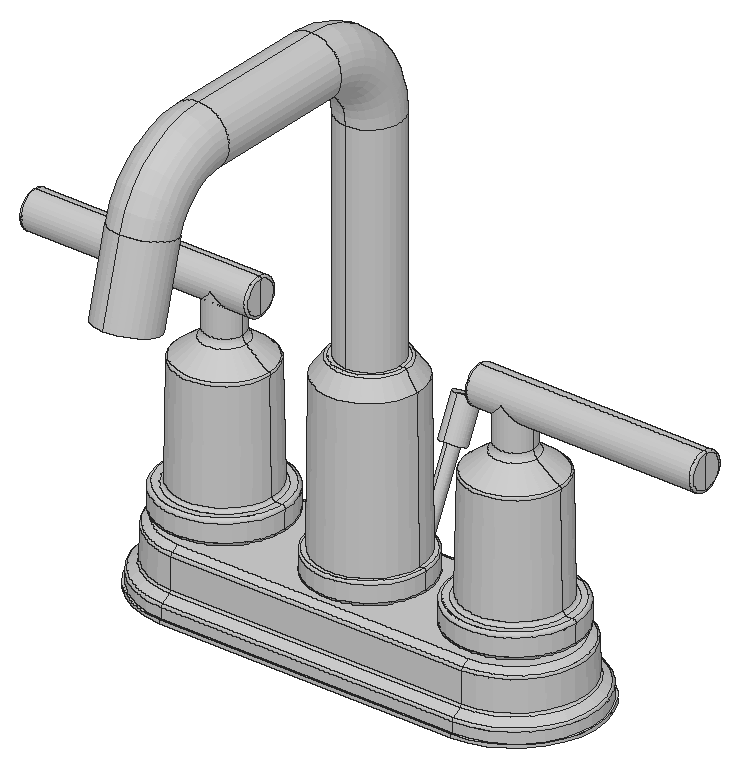
Revit family "Bathroom_Faucet-Moen-Gibson_2H_Centerset-6150", category Plumbing Fixtures, host Face, Revit 2020
Family settings
  Host = Face
  Round Connector Dimension = Use Radius
  Part Type = Normal
  OmniClass Number = 23.45.55.17
  OmniClass Title = Mixing Faucets
  Cut with Voids When Loaded = No
  Shared = No
  Room Calculation Point = No
Parameters (values of type "2H Centerset - 6150")
  Width = 0' - 6 1/2"  # constant formula
  Waste Connection = yes
  WFU = 0
  Version = "2014 - v1.0a"  # constant formula
  Vent Connection = yes
  URL = "http://pro.moen.com/"
  Type Comments = ""
  Product data url = "https://bimobject.com/moen/product/moen-6150"
  Product Page URL = "http://pro.moen.com/gibson/chrome-two-handle-bathroom-faucet/_/R-TPORTAL-ALL%3A6150"
  Product Documentation Link = "http://pro.moen.com/shared/docs/product-specifications/6150sp.pdf"
  Model = "6150"  # constant formula
  Material = ""
  Manufacturer Phone Number = "(800) 531-1600"  # constant formula
  Manufacturer Fax Number = "(800) 848-6636"  # constant formula
  Manufacturer Email = "mailto:moencustomerservicewholesaleUS@moen.com"
  Manufacturer Address = "U.S. Headquarters: Moen Incorporated 25300 Al Moen Dr., North Olmsted, Ohio 44070-8022"  # constant formula
  Manufacturer = "Moen"  # constant formula
  Hot Water Radius = 3/16"
  Hot Water Diameter = Hot Water Radius * 2  # 3/8"
  Height = 0' - 7 15/16"  # constant formula
  HWFU = 0
  HW Connection = yes
  Flow Rate = 1.20 GPM
  Finish = Metal - Moen - Chrome
  Domestic Water Flow Rate = Flow Rate  # 1.20 GPM
  Description = "Gibson Chrome Two-Handle Bathroom Faucet"  # constant formula
  Depth = 0' - 6 13/32"  # constant formula
  Default Elevation = 4' - 0"
  Copyright = "Moen Incorporated"  # constant formula
  Cold Water Radius = 3/16"
  Cold Water Diameter = Cold Water Radius * 2  # 3/8"
  CWFU = 0
  CW Connection = yes
  Assembly Code = "D2010900"
Reference planes (in)
  plane 1 "Center (Front/Back)": y = 0
  plane 2: z = 0
  plane 3 "Center (Left/Right)": x = 0
  plane 4: x = 2
  plane 5: x = -2
Forms (in)
  Sweep 1, solid, material "Metal - Moen - Chrome" <- "Finish"
    path origin (0, 0, 0) x (1, 0, 0) y (0, 1, 0)
      loop
        line (-2, -0.80273) -> (2, -0.80273)
        arc (2, -0.80273) -> (2.80273, 0) -> (2, 0.80273) r 0.80273
        line (2, 0.80273) -> (-2, 0.80273)
        arc (-2, 0.80273) -> (-2.80273, 0) -> (-2, -0.80273) r 0.80273
    profile origin (0, -0.80273, 0) x (0, 1, 0) y (0, 0, 1)
      loop
        line (0, 0) -> (0, 0.8389) -> (-0.08982, 0.77831)
        arc (-0.08982, 0.77831) -> (-0.1048, 0.76182) -> (-0.11048, 0.74027) r 0.04688
        line (-0.11048, 0.74027) -> (-0.11757, 0.33408)
        arc (-0.11757, 0.33408) -> (-0.12305, 0.3129) -> (-0.13755, 0.2965) r 0.04688
        line (-0.13755, 0.2965) -> (-0.24954, 0.21809)
        arc (-0.24954, 0.21809) -> (-0.26423, 0.20133) -> (-0.26953, 0.17969) r 0.04688
        line (-0.26953, 0.17969) -> (-0.26953, 0.03906) -> (-0.30078, 0.03906) -> (-0.30078, 0) -> (0, 0)
  Extrusion 2, solid, material "Metal - Moen - Chrome" <- "Finish"
    sketch origin (0, 0, 0) x (1, 0, 0) y (0, 1, 0)
      loop
        line (2, 0.80273) -> (-2, 0.80273)
        arc (-2, 0.80273) -> (-2.80273, 0) -> (-2, -0.80273) r 0.80273
        line (-2, -0.80273) -> (2, -0.80273)
        arc (2, -0.80273) -> (2.80273, 0) -> (2, 0.80273) r 0.80273
    from 0 to 0.8389
  Revolve 3, solid, material "Metal - Moen - Chrome" <- "Finish"
    sketch origin (0, 0, 0) x (1, 0, 0) y (0, 0, 1)
      loop
        line (-2, 0.8389) -> (-2, 3.7084) -> (-2.25002, 3.7084) -> (-2.25002, 3.15839)
        arc (-2.25002, 3.15839) -> (-2.26309, 3.10276) -> (-2.29954, 3.05876) r 0.125
        line (-2.29954, 3.05876) -> (-2.61184, 2.82217)
        arc (-2.61184, 2.82217) -> (-2.62532, 2.80603) -> (-2.6304, 2.78562) r 0.04688
        line (-2.6304, 2.78562) -> (-2.65626, 1.30399)
        arc (-2.65626, 1.30399) -> (-2.6697, 1.27195) -> (-2.70149, 1.25796) r 0.04688
        line (-2.70149, 1.25796) -> (-2.78963, 1.25488)
        arc (-2.78963, 1.25488) -> (-2.82171, 1.2406) -> (-2.83487, 1.20803) r 0.04688
        line (-2.83487, 1.20803) -> (-2.83487, 0.96965)
        arc (-2.83487, 0.96965) -> (-2.82572, 0.94755) -> (-2.80362, 0.9384) r 0.03125
        line (-2.80362, 0.9384) -> (-2.6975, 0.9384) -> (-2.58604, 0.8389) -> (-2, 0.8389)
      axis (-2, 3.7084) -> (-2, 0.8389)
    angle from 0 to 360
  Revolve 4, solid, material "Metal - Moen - Chrome" <- "Finish"
    sketch origin (0, 0, 0) x (1, 0, 0) y (0, 0, 1)
      loop
        line (2, 0.8389) -> (2.58604, 0.8389) -> (2.6975, 0.9384) -> (2.80362, 0.9384)
        arc (2.80362, 0.9384) -> (2.82572, 0.94755) -> (2.83487, 0.96965) r 0.03125
        line (2.83487, 0.96965) -> (2.83487, 1.20803)
        arc (2.83487, 1.20803) -> (2.82171, 1.2406) -> (2.78963, 1.25488) r 0.04688
        line (2.78963, 1.25488) -> (2.70149, 1.25796)
        arc (2.70149, 1.25796) -> (2.6697, 1.27195) -> (2.65626, 1.30399) r 0.04688
        line (2.65626, 1.30399) -> (2.6304, 2.78562)
        arc (2.6304, 2.78562) -> (2.62532, 2.80603) -> (2.61184, 2.82217) r 0.04688
        line (2.61184, 2.82217) -> (2.29954, 3.05876)
        arc (2.29954, 3.05876) -> (2.26309, 3.10276) -> (2.25002, 3.15839) r 0.125
        line (2.25002, 3.15839) -> (2.25002, 3.7084) -> (2, 3.7084) -> (2, 0.8389)
      axis (2, 3.7084) -> (2, 0.8389)
    angle from 0 to 360
  Revolve 5, solid, material "Metal - Moen - Chrome" <- "Finish"
    sketch origin (0, 0, 0) x (1, 0, 0) y (0, 0, 1)
      loop
        line (-1.5, 3.7084) -> (-4.625, 3.7084) -> (-4.625, 3.48965)
        arc (-4.625, 3.48965) -> (-4.61585, 3.46755) -> (-4.59375, 3.4584) r 0.03125
        line (-4.59375, 3.4584) -> (-1.53125, 3.4584)
        arc (-1.53125, 3.4584) -> (-1.50915, 3.46755) -> (-1.5, 3.48965) r 0.03125
        line (-1.5, 3.48965) -> (-1.5, 3.7084)
      axis (-1.5, 3.7084) -> (-4.625, 3.7084)
    angle from 0 to 360
  Revolve 6, solid, material "Metal - Moen - Chrome" <- "Finish"
    sketch origin (0, 0, 0) x (1, 0, 0) y (0, 0, 1)
      loop
        line (1.5, 3.7084) -> (1.5, 3.48965)
        arc (1.5, 3.48965) -> (1.50915, 3.46755) -> (1.53125, 3.4584) r 0.03125
        line (1.53125, 3.4584) -> (4.59375, 3.4584)
        arc (4.59375, 3.4584) -> (4.61585, 3.46755) -> (4.625, 3.48965) r 0.03125
        line (4.625, 3.48965) -> (4.625, 3.7084) -> (1.5, 3.7084)
      axis (1.5, 3.7084) -> (4.625, 3.7084)
    angle from 0 to 360
  Revolve 7, solid, material "Metal - Moen - Chrome" <- "Finish"
    sketch origin (0, 0, 0) x (1, 0, 0) y (0, 0, 1)
      loop
        line (-0.625, 0.8389) -> (0, 0.8389) -> (0, 3.5339) -> (-0.46126, 3.5339)
        arc (-0.46126, 3.5339) -> (-0.48244, 3.52884) -> (-0.49905, 3.51476) r 0.04688
        line (-0.49905, 3.51476) -> (-0.66277, 3.29171) -> (-0.68714, 1.15653) -> (-0.7403, 1.15389)
        arc (-0.7403, 1.15389) -> (-0.76139, 1.14423) -> (-0.77, 1.12268) r 0.03125
        line (-0.77, 1.12268) -> (-0.77, 0.89515)
        arc (-0.77, 0.89515) -> (-0.76085, 0.87305) -> (-0.73875, 0.8639) r 0.03125
        line (-0.73875, 0.8639) -> (-0.64358, 0.8639) -> (-0.625, 0.8389)
      axis (0, 0.8389) -> (0, 3.5339)
    angle from 0 to 360
  Sweep 8, solid, material "Metal - Moen - Chrome" <- "Finish"
    path origin (0, 0, 0) x (0, 1, 0) y (0, 0, 1)
      loop
        line (0, 3.53421) -> (0, 6.52734)
        arc (0, 6.52734) -> (-0.29289, 7.23445) -> (-1, 7.52734) r 1
        line (-1, 7.52734) -> (-2.93556, 7.52734)
        arc (-2.93556, 7.52734) -> (-3.54432, 7.3207) -> (-3.90149, 6.78616) r 1
        line (-3.90149, 6.78616) -> (-4.1875, 5.71875)
    profile origin (0, 0, 5.03078) x (0, -1, 0) y (1, 0, 0)
      loop
        circle (0, 0) r 0.41016
  Revolve 9, solid, material "Metal - Moen - Chrome" <- "Finish", detail levels medium+fine
    sketch origin (0, 0, 0) x (0, 1, 0) y (0, 0, 1)
      loop
        line (1.66823, 2.31303) -> (1.52153, 2.38458) -> (1.27922, 1.88776) -> (1.34947, 1.85349) -> (0.46555, 0.04119) -> (0.542, 0.0039) -> (1.66823, 2.31303)
      axis (1.66823, 2.31303) -> (0.542, 0.0039)
    angle from 0 to 360
Cuts and joins
  joined: Sweep 1, Extrusion 2
Lines and regions (in)
  Split face 1
    outline origin (0, -4.1875, 5.71875) x (1, 0, 0) y (0, -0.965926, 0.258819)
      loop
        circle (0, 0) r 0.375
  Split face 2
    outline origin (-2, -0.80273, 0) x (0, -1, 0) y (1, 0, 0)
      loop
        circle (-0.80273, 1.58984) r 0.25
  Split face 3
    outline origin (-2, -0.80273, 0) x (0, -1, 0) y (1, 0, 0)
      loop
        circle (-0.80273, 2.41016) r 0.25
  Masking region 1, detail levels medium+fine
    outline origin (0, 0, 0) x (1, 0, 0) y (0, 1, 0)
      loop
        line (2, 1.10352) -> (-2, 1.10352)
        arc (-2, 1.10352) -> (-2.68625, 0.86418) -> (-3.07482, 0.25) r 1.10352
        line (-3.07482, 0.25) -> (-4.625, 0.25) -> (-4.625, -0.25) -> (-3.07482, -0.25)
        arc (-3.07482, -0.25) -> (-2.68625, -0.86418) -> (-2, -1.10352) r 1.10352
        line (-2, -1.10352) -> (-0.41016, -1.10352) -> (-0.41016, -4.1875)
        arc (-0.41016, -4.1875) -> (0, -4.59766) -> (0.41016, -4.1875) r 0.41016
        line (0.41016, -4.1875) -> (0.41016, -1.10352) -> (2, -1.10352)
        arc (2, -1.10352) -> (2.68625, -0.86418) -> (3.07482, -0.25) r 1.10352
        line (3.07482, -0.25) -> (4.625, -0.25) -> (4.625, 0.25) -> (3.07482, 0.25)
        arc (3.07482, 0.25) -> (2.68625, 0.86418) -> (2, 1.10352) r 1.10352
  Masking region 2, detail levels fine
    outline origin (0, 0, 0) x (1, 0, 0) y (0, 1, 0)
      loop
        spline (0.16322, 1.66823) -> (0.15766, 1.7062) -> (0.14135, 1.74158) -> (0.11541, 1.77197) -> (0.08161, 1.79528) -> (0.04224, 1.80993) -> (0, 1.81493) -> (-0.04224, 1.80993) -> (-0.08161, 1.79528) -> (-0.11541, 1.77197) -> (-0.14135, 1.74158) -> (-0.15766, 1.7062) -> (-0.16322, 1.66823)
        line (-0.16322, 1.66823) -> (-0.16322, 1.42592)
        spline (-0.16322, 1.42592) -> (-0.16263, 1.41343) -> (-0.16085, 1.40104) -> (-0.15791, 1.38883) -> (-0.15383, 1.37688) -> (-0.14863, 1.36529) -> (-0.14235, 1.35414) -> (-0.13504, 1.34352) -> (-0.12674, 1.33349) -> (-0.11753, 1.32413) -> (-0.10747, 1.31551) -> (-0.09662, 1.30769) -> (-0.08508, 1.30072)
        line (-0.08508, 1.30072) -> (-0.08508, 1.10352) -> (0.08508, 1.10352) -> (0.08508, 1.30072)
        spline (0.08508, 1.30072) -> (0.09662, 1.30769) -> (0.10747, 1.31551) -> (0.11753, 1.32413) -> (0.12674, 1.33349) -> (0.13504, 1.34352) -> (0.14235, 1.35414) -> (0.14863, 1.36529) -> (0.15383, 1.37688) -> (0.15791, 1.38883) -> (0.16085, 1.40104) -> (0.16263, 1.41343) -> (0.16322, 1.42592)
        line (0.16322, 1.42592) -> (0.16322, 1.66823)
  Masking region 3, detail levels coarse
    outline origin (0, 0, 0) x (1, 0, 0) y (0, 1, 0)
      loop
        line (2, 1.10352) -> (-2, 1.10352)
        arc (-2, 1.10352) -> (-3.10352, 0) -> (-2, -1.10352) r 1.10352
        line (-2, -1.10352) -> (-0.41016, -1.10352) -> (-0.41016, -4.1875)
        arc (-0.41016, -4.1875) -> (0, -4.59766) -> (0.41016, -4.1875) r 0.41016
        line (0.41016, -4.1875) -> (0.41016, -1.10352) -> (2, -1.10352)
        arc (2, -1.10352) -> (3.10352, 0) -> (2, 1.10352) r 1.10352
  symbolic lines, detail levels fine
    curve 1: arc (-2.79768, -0.25, 0) -> (-1.16406, 0, 0) -> (-2.79768, 0.25, 0) r 0.83594
    curve 2: arc (2.79768, -0.25, 0) -> (1.16406, 0, 0) -> (2.79768, 0.25, 0) r 0.83594
    curve 3: arc (0.41016, -0.65111, 0) -> (0, 0.76953, 0) -> (-0.41016, -0.65111, 0) r 0.76953
    curve 4: line (-0.41016, -1.10352, 0) -> (-0.41016, 0, 0)
    curve 5: line (0.41016, -1.10352, 0) -> (0.41016, 0, 0)
    curve 6: arc (0.41016, 0, 0) -> (0, 0.41016, 0) -> (-0.41016, 0, 0) r 0.41016
    curve 7: arc (-2.65543, -0.25, 0) -> (-1.29851, 0, 0) -> (-2.65543, 0.25, 0) r 0.70149
    curve 8: line (-1.5, 0.25, 0) -> (-1.5, -0.25, 0)
    curve 9: line (-3.07482, 0.25, 0) -> (-1.5, 0.25, 0)
    curve 10: line (-3.07482, -0.25, 0) -> (-1.5, -0.25, 0)
    curve 11: arc (2.65543, -0.25, 0) -> (1.29851, 0, 0) -> (2.65543, 0.25, 0) r 0.70149
    curve 12: line (1.5, 0.25, 0) -> (1.5, -0.25, 0)
    curve 13: line (3.07482, 0.25, 0) -> (1.5, 0.25, 0)
    curve 14: line (3.07482, -0.25, 0) -> (1.5, -0.25, 0)
Dimensions and locks (in)
  Sweep 1 sketch curve to Sweep 1 sketch curve to plane 3 "Center (Left/Right)" to Sweep 1 sketch curve to Sweep 1 sketch curve = 0' - 0.80273" locked, 0' - 2" locked, 0' - 2" locked, 0' - 0.80273" locked
  Sweep 1 sketch curve to plane 1 "Center (Front/Back)" to Sweep 1 sketch curve = 0' - 0.80273" locked, 0' - 0.80273" locked
  Sweep 1 sketch curve to Sweep 1 sketch curve to Sweep 1 sketch curve to Sweep 1 sketch curve to Sweep 1 sketch curve to Sweep 1 sketch curve to Sweep 1 sketch curve to Sweep 1 sketch curve to Sweep 1 sketch curve to Sweep 1 sketch curve to plane 2 = 0' - 0.06059" locked, 0' - 0.03804" locked, 0' - 0.00082" locked, 0' - 0.40455" locked, 0' - 0.00082" locked, 0' - 0.03758" locked, 0' - 0.07842" locked, 0' - 0.0384" locked, 0' - 0 9/64" locked, 0' - 0 5/128" locked
  equal spacing: Sweep 1 sketch curve, Sweep 1 sketch curve, Sweep 1 sketch curve, Sweep 1 sketch curve, Sweep 1 sketch curve, Sweep 1 sketch curve, Sweep 1 sketch curve, Sweep 1 sketch curve, Sweep 1 sketch curve, Sweep 1 sketch curve, profile plane
  equal spacing: plane 5, plane 3 "Center (Left/Right)", plane 4
  locked: plane 5 to plane 4 at 4
  Revolve 3 sketch curve to Revolve 3 sketch curve to Revolve 3 sketch curve to Revolve 3 sketch curve to Revolve 3 sketch curve to Revolve 3 sketch curve to Revolve 3 sketch curve to plane 2 = 0' - 0.55001" locked, 0' - 0.37359" locked, 0' - 1.48" locked, 0' - 0.09677" locked, 0' - 0.23838" locked, 0' - 0 1/32" locked, 0' - 0.9384" locked
  plane 5 to Revolve 3 sketch curve to Revolve 3 sketch curve to Revolve 3 sketch curve to Revolve 3 sketch curve to Revolve 3 sketch curve to Revolve 3 sketch curve = 0' - 0.25002" locked, 0' - 0 1/8" locked, 0' - 0.20851" locked, 0' - 0.1196" locked, 0' - 0.08487" locked, 0' - 0 1/64" locked
  plane 5 to Revolve 3 sketch curve to Revolve 3 sketch curve = 0' - 0.58604" locked, 0' - 0.11146" locked
  Revolve 4 sketch curve to Revolve 4 sketch curve to Revolve 4 sketch curve to Revolve 4 sketch curve to Revolve 4 sketch curve to Revolve 4 sketch curve to Revolve 4 sketch curve to plane 2 = 0' - 0.55001" locked, 0' - 0.37359" locked, 0' - 1.48" locked, 0' - 0.09677" locked, 0' - 0.23838" locked, 0' - 0 1/32" locked, 0' - 0.9384" locked
  Revolve 4 sketch curve to Revolve 4 sketch curve to Revolve 4 sketch curve to Revolve 4 sketch curve to Revolve 4 sketch curve to Revolve 4 sketch curve to Revolve 4 sketch curve to Revolve 4 sketch curve to plane 4 = 0' - 0 1/64" locked, 0' - 0.08487" locked, 0' - 0.00563" locked, 0' - 0.11146" locked, 0' - 0.00251" locked, 0' - 0.20851" locked, 0' - 0 1/8" locked, 0' - 0.25002" locked
  Revolve 3 to Revolve 5 sketch curve to Revolve 5 sketch curve to Revolve 5 sketch curve = 0' - 0 7/32" locked, 0' - 0" locked, 0' - 0 1/32" locked
  Revolve 5 sketch curve to Revolve 5 sketch curve to plane 5 to Revolve 5 sketch curve to Revolve 5 sketch curve = 0' - 0 1/32" locked, 0' - 0 15/32" locked, 0' - 2 19/32" locked, 0' - 0 1/32" locked
  Revolve 4 to Revolve 6 sketch curve to Revolve 6 sketch curve to Revolve 6 sketch curve = 0' - 0 7/32" locked, 0' - 0" locked, 0' - 0 1/32" locked
  Revolve 6 sketch curve to Revolve 6 sketch curve to plane 4 to Revolve 6 sketch curve to Revolve 6 sketch curve = 0' - 0 1/32" locked, 0' - 2 19/32" locked, 0' - 0 15/32" locked, 0' - 0 1/32" locked
  plane 3 "Center (Left/Right)" to Revolve 7 sketch curve to Revolve 7 sketch curve to Revolve 7 sketch curve to Revolve 7 sketch curve to Revolve 7 sketch curve to Revolve 7 sketch curve to Revolve 7 sketch curve = 0' - 0.46126" locked, 0' - 0.16374" locked, 0' - 0.01858" locked, 0' - 0.01919" locked, 0' - 0.02437" locked, 0' - 0.05161" locked, 0' - 0" locked
  Revolve 7 sketch curve to Revolve 7 sketch curve to Revolve 7 sketch curve to Revolve 7 sketch curve to Revolve 7 sketch curve to Revolve 7 sketch curve to Revolve 7 sketch curve to plane 2 = 0' - 0 3/64" locked, 0' - 0 25/128" locked, 0' - 2.13518" locked, 0' - 0.03385" locked, 0' - 0.22753" locked, 0' - 0 1/32" locked, 0' - 0.8639" locked
  Sweep 8 sketch curve to Sweep 8 sketch curve to Sweep 8 sketch curve to Sweep 8 sketch curve to plane 1 "Center (Front/Back)" = 0' - 0.28601", 0' - 0.96593", 0' - 1.93556", 0' - 1"
  Sweep 8 sketch curve to Sweep 8 sketch curve to Sweep 8 sketch curve to Sweep 8 sketch curve to Sweep 8 sketch curve to plane 2 = 0' - 0.74118" locked, 0' - 0.25882" locked, 0' - 0" locked, 0' - 0 207/256" locked, 0' - 5 23/32" locked
  locked: plane 3 "Center (Left/Right)" to Sweep 8 sketch curve at 0.41016
  locked: Sweep 8 sketch curve to plane 2 at 3.53421
  locked: plane 1 "Center (Front/Back)" to Revolve 9 sketch curve at 0.48543
  Revolve 9 sketch curve to Revolve 9 sketch curve to Revolve 9 sketch curve = 0' - 0.07816" locked, 0' - 0.08505" locked
  plane 1 "Center (Front/Back)" to Revolve 9 sketch curve to Revolve 9 sketch curve to Revolve 9 sketch curve = 0' - 0.2411" locked, 0' - 2.01638" locked, 0' - 0.55276" locked
  locked: Split face 1 sketch curve to plane 2 at 5.71875
  Masking region 1 sketch curve to Masking region 1 sketch curve to plane 1 "Center (Front/Back)" to Masking region 1 sketch curve to Masking region 1 sketch curve = 0' - 0" locked, 0' - 0 1/4" locked, 0' - 0 1/4" locked, 0' - 0" locked
  Masking region 1 sketch curve to plane 3 "Center (Left/Right)" to Masking region 1 sketch curve = 0' - 4 5/8" locked, 0' - 4 5/8" locked
  Masking region 1 sketch curve to Masking region 1 sketch curve to plane 1 "Center (Front/Back)" = 0' - 0 105/256" locked, 0' - 4 3/16" locked
  locked: plane 5 to curve 1 at 0.83594
  locked: curve 2 to plane 4 at 0.83594
  locked: curve 3 to plane 3 "Center (Left/Right)" at 0.76953
  locked: curve 6 to plane 3 "Center (Left/Right)" at 0.41016
  locked: plane 5 to curve 8 at 0.5
  locked: curve 12 to plane 4 at 0.5
  plane 1 "Center (Front/Back)" to Masking region 2 sketch curve to Masking region 2 sketch curve to Masking region 2 sketch curve to Masking region 2 sketch curve to Masking region 2 sketch curve to Masking region 2 sketch curve to Masking region 2 sketch curve = 0' - 1.30072" locked, 0' - 0" locked, 0' - 0.12519" locked, 0' - 0" locked, 0' - 0.24231" locked, 0' - 0" locked, 0' - 0.1467" locked
  Masking region 2 sketch curve to plane 3 "Center (Left/Right)" to Masking region 2 sketch curve = 0' - 0.08508" locked, 0' - 0.08508" locked
  plane 3 "Center (Left/Right)" to Split face 3 sketch curve to Split face 3 sketch curve = 0' - 0 105/256" locked, 0' - 0 1/4" locked
  Split face 2 sketch curve to Split face 2 sketch curve to plane 3 "Center (Left/Right)" = 0' - 0 1/4" locked, 0' - 0 105/256" locked
  locked: plane 2 to Revolve 9 sketch curve (angle 64.00°)
  aligned and locked: plane 2 to host face
  aligned and locked: level to host face
  aligned and locked: profile plane to plane 2
  aligned and locked: plane 2 to Sweep 1 sketch curve
  aligned and locked: Sweep 1 sketch curve to profile plane
  aligned and locked: Extrusion 2 sketch curve to Sweep 1  (x2)
  aligned and locked: Extrusion 2 to plane 2
  aligned and locked: Extrusion 2 to Sweep 1
  aligned and locked: plane 5 to Revolve 3 sketch curve
  aligned and locked: Revolve 3 sketch curve to cut or joined group of Sweep 1, Extrusion 2
  aligned and locked: Revolve 3 sketch curve to plane 5
  aligned and locked: cut or joined group of Sweep 1, Extrusion 2 to Revolve 4 sketch curve
  aligned and locked: plane 4 to Revolve 4 sketch curve
  aligned and locked: Revolve 4 sketch curve to plane 4
  aligned and locked: Revolve 5 sketch curve to Revolve 3  (x2)
  aligned and locked: Revolve 6 sketch curve to Revolve 4  (x2)
  aligned and locked: Revolve 7 sketch curve to plane 3 "Center (Left/Right)"
  aligned and locked: Revolve 7 sketch curve to cut or joined group of Sweep 1, Extrusion 2
  aligned and locked: plane 3 "Center (Left/Right)" to Revolve 7 sketch curve
  aligned and locked: Sweep 8 sketch curve to plane 1 "Center (Front/Back)"
  aligned and locked: plane 3 "Center (Left/Right)" to Sweep 8 sketch curve
  aligned and locked: plane 1 "Center (Front/Back)" to Sweep 8 sketch curve
  aligned and locked: Revolve 9 sketch curve to Revolve 9 sketch curve
  aligned and locked: plane 3 "Center (Left/Right)" to Split face 1 sketch curve
  aligned and locked: plane 1 "Center (Front/Back)" to Split face 2 sketch curve
  aligned and locked: plane 1 "Center (Front/Back)" to Split face 3 sketch curve
  aligned and locked: Masking region 1 sketch curve to cut or joined group of Sweep 1, Extrusion 2  (x4)
  aligned and locked: plane 3 "Center (Left/Right)" to Masking region 1 sketch curve
  aligned and locked: plane 5 to curve 1
  aligned and locked: plane 1 "Center (Front/Back)" to curve 1
  aligned and locked: plane 1 "Center (Front/Back)" to curve 2
  aligned and locked: plane 4 to curve 2
  aligned and locked: plane 1 "Center (Front/Back)" to curve 3
  aligned and locked: plane 3 "Center (Left/Right)" to curve 3
  aligned and locked: plane 1 "Center (Front/Back)" to curve 6
  aligned and locked: plane 3 "Center (Left/Right)" to curve 6
  aligned and locked: Masking region 1 to curve 4
  aligned and locked: Masking region 1 to curve 5
  aligned and locked: curve 7 to Revolve 3  (x2)
  aligned and locked: Masking region 1 to curve 9
  aligned and locked: Masking region 1 to curve 10
  aligned and locked: curve 11 to Revolve 4  (x2)
  aligned and locked: Masking region 1 to curve 13
  aligned and locked: curve 14 to Masking region 1
  aligned and locked: Masking region 2 sketch curve to Masking region 1
  aligned and locked: plane 3 "Center (Left/Right)" to Masking region 2 sketch curve  (x3)
  aligned and locked: Masking region 3 sketch curve to Masking region 1  (x5)
Automatic sketch dimensions
  host sketch curve to host sketch curve = 8' - 0"  (x2)
  Extrusion 2 sketch curve to plane 4 = 0' - 0"
  Revolve 9 sketch curve to plane 1 "Center (Front/Back)" = 0' - 0.22837"
  Masking region 2 sketch curve to plane 3 "Center (Left/Right)" = 0' - 0.16322"
  Revolve 3 sketch curve to Revolve 3 sketch curve = 0' - 0.00164"  (x2)
  Revolve 3 sketch curve to Revolve 3 sketch curve = 0' - 0 3/64"  (x2)
  Revolve 3 sketch curve to Revolve 3 sketch curve = 0' - 0.01856"
  Revolve 3 sketch curve to Revolve 3 sketch curve = 0' - 0.04952"
  Revolve 3 sketch curve to Revolve 3 sketch curve = 0' - 0.04685"
  Revolve 3 sketch curve to Revolve 3 sketch curve = 0' - 0.00082"
  Revolve 3 sketch curve to level = 0' - 6"
  Revolve 3 sketch curve to Revolve 3 sketch curve = 1' - 2.2916"
  Revolve 4 sketch curve to Revolve 4 sketch curve = 0' - 0.04952"
  Revolve 4 sketch curve to Revolve 4 sketch curve = 0' - 0.02831"
  Revolve 4 sketch curve to Revolve 4 sketch curve = 0' - 0.01856"
  Revolve 4 sketch curve to Revolve 4 sketch curve = 0' - 0 3/64"
  Revolve 4 sketch curve to Revolve 4 sketch curve = 0' - 0.00164"  (x2)
  Revolve 4 sketch curve to Revolve 4 sketch curve = 0' - 0.04685"
  Revolve 4 sketch curve to Revolve 4 sketch curve = 0' - 0.00082"
  Revolve 4 sketch curve to level = 0' - 6"
  Revolve 4 sketch curve to Revolve 4 sketch curve = 1' - 2.2916"
  Revolve 5 sketch curve to Revolve 5 sketch curve = 0' - 0 7/8"
  Revolve 5 sketch curve to plane 3 "Center (Left/Right)" = 0' - 0 1/2"
  plane 3 "Center (Left/Right)" to Revolve 6 sketch curve = 0' - 0 1/2"
  Revolve 6 sketch curve to Revolve 6 sketch curve = 0' - 0 7/8"
  Revolve 7 sketch curve to Revolve 7 sketch curve = 0' - 0.00155"
  Revolve 7 sketch curve to Revolve 7 sketch curve = 0' - 0.03779"
  Revolve 7 sketch curve to level = 0' - 6"
  Revolve 7 sketch curve to Revolve 7 sketch curve = 1' - 2.4661"
  Masking region 3 sketch curve to plane 5 = 0' - 0"
  Masking region 3 sketch curve to plane 4 = 0' - 0"
  curve 9 to curve 1 = 0' - 0.27715"
  curve 10 to curve 1 = 0' - 0.27715"
  curve 2 to curve 14 = 0' - 0.27715"
  curve 2 to curve 13 = 0' - 0.27715"
  curve 4 to curve 3 = 0' - 0.4524"
  curve 5 to curve 3 = 0' - 0.4524"
  radius of Split face 1 sketch curve = 0' - 0 3/8"
Connectors (in)
  piping at (0.41016, 0, 0), diameter 0.375, driven by "Cold Water Radius", driven by "Flow Rate"
    settings: on cut or joined group of Sweep 1, Extrusion 2, index 1, connector inside diameter 24", connector length 0' - 0", flow factor 0, pipe flow 1.20 GPM, pressure drop 0.00 psi, fitting loss kfactor 0, connector angle 0.00°, fixture units 0, engagement length 0' - 0", angle of deflection 0.00°, flow configuration 0, flow direction 1, fitting loss method 0, system type 20, joint type 0, gender type 0, connector reference index -1, connector utility 0, adjustable connector no, is connector primary yes, connector description "Cold Water Connection"
  piping at (-0.41016, 0, 0), diameter 0.375, driven by "Hot Water Radius", driven by "Flow Rate"
    settings: on cut or joined group of Sweep 1, Extrusion 2, index 2, connector inside diameter 24", connector length 0' - 0", flow factor 0, pipe flow 1.20 GPM, pressure drop 0.00 psi, fitting loss kfactor 0, connector angle 0.00°, fixture units 0, engagement length 0' - 0", angle of deflection 0.00°, flow configuration 0, flow direction 1, fitting loss method 0, system type 19, joint type 0, gender type 0, connector reference index -1, connector utility 0, adjustable connector no, is connector primary no, connector description "Hot Water Connection"
